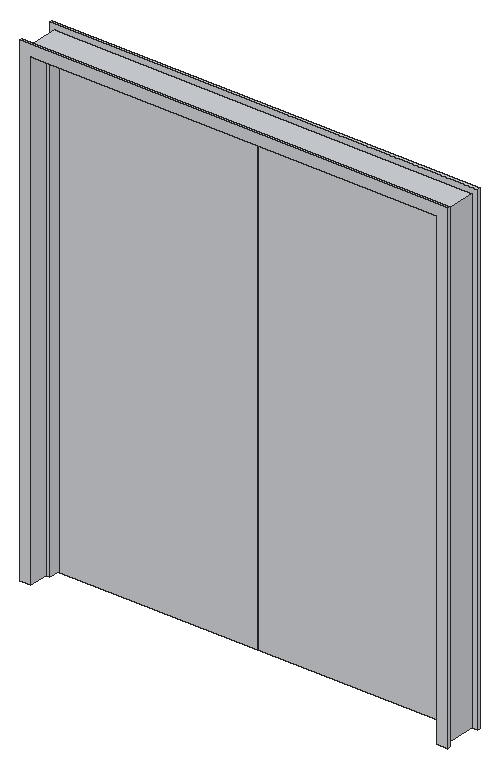
Revit family "DOOR_Double Flush", category Doors, host Wall, Revit 2024
Family settings
  Host = Wall
  Always vertical = Yes
  Cut with Voids When Loaded = No
  Shared = No
  Room Calculation Point = No
Parameters (values of type "1800mm x 2100mm")
  Width_Panel = Width / 2  # 900 mm
  Thickness = 45 mm
  Rough Width = Width + (2 * Rough In Gap)  # 1850 mm
  Rough In Gap = 25 mm
  Rough Height [instance] = Height + Rough In Gap  # 2125 mm
  Rabbit Width = 16 mm
  Rabbit Inset Distance from Front Trim = 45 mm
  Rabbit Depth = 50 mm
  Height = 2100 mm
  Wall Closure = By host
  Width = 1800 mm
  Function = Interior
  Frame Trim Width = 50 mm
  Frame Trim Thickness = 12.5 mm
  EA_Repath [instance] = 0 mm
  Double Swing - Right Door [instance] = no
  Double Swing - Left Door [instance] = no
  Double Swing ADA Clearance Lines [instance] = yes
  Door_$Panel_Material [instance] = none
  Door_$Leaf1_3DSwing_Angle [instance] = 0.00°
  Door_$Leaf1_2DSwing_Angle [instance] = 90.00°
  Door_$Frame_Material [instance] = none
  Define Thermal Properties by = Schematic Type
  Assembly Code = "C1020300"
  Analytic Construction = "<None>"
  Single Swing ADA Clearance Lines [instance] = yes
Types (3, lengths in mm): name | Rough Height | Height
  1800mm x 2100mm | 2125 | 2100
  1800mm x 2400mm | 2425 | 2400
  1800mm x 2700mm | 2725 | 2700
Reference planes
  plane 1 "Center (Front/Back)": y = 0
  plane 2 "Center (Left/Right)": x = 0
  plane 3 "Left": x = -900
  plane 4 "Right": x = 900
  plane 5 "Top": z = 2100
  plane 6: y = 76.2
  plane 7: y = -76.2
Forms (mm)
  Sweep 1, solid, material <- "Door_$Frame_Material"
    path origin (0, 0, 0) x (1, 0, 0) y (0, 0, 1)
      loop
        line (900, 0) -> (900, 2100) -> (-900, 2100) -> (-900, 0)
    profile origin (900, 0, 1050) x (-1, 0, 0) y (0, -1, 0)
      loop
        line (-25.4, 76.2) -> (-25.4, -76.2) -> (-50, -76.2) -> (-50, -88.7) -> (0, -88.7) -> (0, -43.7) -> (16, -43.7) -> (16, 6.3) -> (0, 6.3) -> (0, 88.7) -> (-50, 88.7) -> (-50, 76.2) -> (-25.4, 76.2)
Lines and regions (mm)
  Opening 1
    outline origin (-2286, -76.2, 0) x (1, 0, 0) y (0, 0, 1)
      loop
        line (1361, 0) -> (3211, 0) -> (3211, 2125) -> (1361, 2125) -> (1361, 0)
  symbolic lines, style "Elevation Swing"
    curve 1: line (0, 76.2, 0) -> (-900, 76.2, 1050)
    curve 2: line (-900, 76.2, 1050) -> (0, 76.2, 2100)
    curve 3: line (0, 76.2, 0) -> (900, 76.2, 1050)
    curve 4: line (900, 76.2, 1050) -> (0, 76.2, 2100)
  symbolic lines, style "ADA Clearance Lines", visible <- "Single Swing ADA Clearance Lines"
    curve 5: line (-855.55, 1600.2, 0) -> (855.55, 1600.2, 0)
    curve 6: line (-855.55, -1295.4, 0) -> (-855.55, 1600.2, 0)
    curve 7: line (855.55, -1295.4, 0) -> (-855.55, -1295.4, 0)
    curve 8: line (855.55, 1600.2, 0) -> (855.55, -1295.4, 0)
  symbolic lines, style "ADA Clearance Lines", visible <- "Double Swing ADA Clearance Lines"
    curve 9: line (-855.55, 1600.2, 0) -> (855.55, 1600.2, 0)
    curve 10: line (-855.55, -1600.2, 0) -> (-855.55, 1600.2, 0)
    curve 11: line (855.55, -1600.2, 0) -> (-855.55, -1600.2, 0)
    curve 12: line (855.55, 1600.2, 0) -> (855.55, -1600.2, 0)
  symbolic lines, style "Doors"
    curve 13: line (0, 88.7, 0) -> (0, -88.9, 0)
Text (mm)
  text "Exterior" at (-1904.17, 693.701, 0), in view "Ref. Level"
  text "Interior" at (-1904.17, -638.649, 0), in view "Ref. Level"
  text "Exterior" at (0, 1019.848, 3124.603), in view "Right"
  text "Interior" at (0, -1635.541, 3124.603), in view "Right"
  text "Interior" at (0, -787.806, 3124.376), in view "Left"
  text "Exterior" at (0, 1386.095, 3124.376), in view "Left"
Dimensions and locks
  equal spacing: plane 3 "Left", plane 2 "Center (Left/Right)", plane 4 "Right"
  "Height": level to plane 5 "Top"
  "Width": plane 3 "Left" to plane 4 "Right"
  equal spacing: host wall, curve 2, plane 5 "Top"
  "Rough In Gap": plane 4 "Right" to Opening 1 sketch curve
  "Rough In Gap": Opening 1 sketch curve to plane 3 "Left"
  "Rough In Gap": plane 5 "Top" to Opening 1 sketch curve
  "Frame Trim Thickness": Sweep 1 sketch curve to host wall
  "Rabbit Depth": Sweep 1 sketch curve to Sweep 1 sketch curve
  "Rabbit Inset Distance from Front Trim": Sweep 1 sketch curve to Sweep 1 sketch curve
  "Frame Trim Width": plane 4 "Right" to Sweep 1 sketch curve  (x2)
  "Rabbit Width": Sweep 1 sketch curve to plane 4 "Right"
  "Frame Trim Thickness": host wall to Sweep 1 sketch curve
  "Thickness": nested 1 to Sweep 1
  "Thickness": nested 2 to Sweep 1
  equal spacing: level, curve 4, plane 5 "Top"
  curve 7 to plane 7 = 1219.2 mm
  curve 5 to plane 6 = 1524 mm
  curve 9 to plane 6 = 1524 mm
  curve 11 to plane 7 = 1524 mm
  aligned and locked: Opening 1 sketch curve to level
  aligned and locked: plane 3 "Left" to curve 1
  aligned and locked: plane 5 "Top" to curve 2
  aligned and locked: plane 4 "Right" to Sweep 1 sketch curve
  aligned and locked: Sweep 1 sketch curve to plane 3 "Left"
  aligned and locked: plane 5 "Top" to Sweep 1 sketch curve
  aligned and locked: host wall to Sweep 1 sketch curve  (x2)
  aligned and locked: Sweep 1 sketch curve to plane 4 "Right"  (x2)
  aligned and locked: nested 1 to plane 3 "Left"
  aligned and locked: nested 2 to plane 4 "Right"
  aligned and locked: nested 1 to curve 1
  aligned and locked: level to nested 2
  aligned and locked: nested 1 to level
  aligned and locked: nested 1 to curve 13
  aligned and locked: nested 4 to curve 13
  aligned and locked: Sweep 1 to nested 4
  aligned and locked: Sweep 1 to nested 3
  aligned and locked: plane 7 to host wall
  aligned and locked: plane 6 to host wall
Automatic sketch dimensions
  curve 1 to level = 0 mm
  curve 2 to plane 2 "Center (Left/Right)" = 0 mm
  Sweep 1 sketch curve to level = 0 mm  (x2)
  profile plane to Sweep 1 sketch curve = 25.4 mm
  curve 3 to plane 4 "Right" = 0 mm
  curve 4 to plane 2 "Center (Left/Right)" = 0 mm
  curve 3 to level = 0 mm
  curve 3 to plane 2 "Center (Left/Right)" = 0 mm
  curve 4 to plane 5 "Top" = 0 mm
  curve 9 to plane 3 "Left" = 44.45 mm
  plane 4 "Right" to curve 9 = 44.45 mm
  curve 13 to plane 2 "Center (Left/Right)" = 0 mm
Nested families
  nested 1: "Door_Panel_Adjustable" at (-900, 88.7, 0), Panel Thickness <- "Thickness", Panel Width <- "Width_Panel", Panel Height <- "Height", Panel Material <- "Door_$Panel_Material", Plan Swing Angle <- "Door_$Leaf1_2DSwing_Angle", Opening Angle <- "Door_$Leaf1_3DSwing_Angle", type "Door_Panel_Adjustable"
    with Plan Swing Angle 90.00°, Panel Width 900 mm, Panel Thickness 45 mm, Panel Material none, Panel Height 2100 mm, Opening Angle 0.00°
  nested 2: "Door_Panel_Adjustable" at (900, 88.7, 0) x (-1, 0, 0) z (0, 0, 1), Panel Thickness <- "Thickness", Panel Width <- "Width_Panel", Panel Height <- "Height", Panel Material <- "Door_$Panel_Material", Plan Swing Angle <- "Door_$Leaf1_2DSwing_Angle", Opening Angle <- "Door_$Leaf1_3DSwing_Angle", type "Door_Panel_Adjustable"
    with Plan Swing Angle 90.00°, Panel Width 900 mm, Panel Thickness 45 mm, Panel Material none, Panel Height 2100 mm, Opening Angle 0.00°
  nested 3: "Door_Panel_Adjustable" at (-900, -88.9, 0), Panel Thickness <- "Thickness", Panel Width <- "Width_Panel", Panel Height <- "Height", Panel Material <- "Door_$Panel_Material", Plan Swing Angle <- "Door_$Leaf1_2DSwing_Angle", Opening Angle <- "Door_$Leaf1_3DSwing_Angle", visible <- "Double Swing - Left Door", type "Door_Panel_Adjustable"
    with Plan Swing Angle 90.00°, Panel Width 900 mm, Panel Thickness 45 mm, Panel Material none, Panel Height 2100 mm, Opening Angle 0.00°
  nested 4: "Door_Panel_Adjustable" at (900, -88.9, 0) x (-1, 0, 0) z (0, 0, 1), Panel Thickness <- "Thickness", Panel Width <- "Width_Panel", Panel Height <- "Height", Panel Material <- "Door_$Panel_Material", Plan Swing Angle <- "Door_$Leaf1_2DSwing_Angle", Opening Angle <- "Door_$Leaf1_3DSwing_Angle", visible <- "Double Swing - Right Door", type "Door_Panel_Adjustable"
    with Plan Swing Angle 90.00°, Panel Width 900 mm, Panel Thickness 45 mm, Panel Material none, Panel Height 2100 mm, Opening Angle 0.00°
Definition of nested family "Door_Panel_Adjustable"
  Parameters
    Plan Swing Angle [instance] = 120.00°
    Panel Width [instance] = 914.4 mm
    Panel Thickness [instance] = 50.8 mm
    Panel Material [instance] = none
    Panel Height [instance] = 2133.6 mm
    Opening Angle [instance] = 45.00°
    Default Elevation = 1219.2 mm
    Assembly Code = ""
  Reference planes
    plane 1 "Center (Front/Back)": y = 0
    plane 2: z = 0
    plane 3 "Center (Left/Right)": x = 0
  Forms (mm)
    Extrusion 1, solid, material <- "Panel Material"
      sketch origin (0, 0, 0) x (0.707107, 0.707107, 0) y (0, 0, 1)
        loop
          line (0, 0) -> (914.4, 0) -> (914.4, 2133.6) -> (0, 2133.6) -> (0, 0)
      from 0 to 50.8 <- "Panel Thickness"
  Lines and regions (mm)
    reference lines
      curve 1: line (0, 0, 0) -> (646.578, 646.578, 0)
  Dimensions and locks
    "Panel Width": curve 1 to curve 1
    "Panel Width": Extrusion 1 sketch curve to Extrusion 1 sketch curve
    "Panel Height": Extrusion 1 sketch curve to Extrusion 1 sketch curve
    "Opening Angle": angle plane 1 "Center (Front/Back)" to curve 1
    aligned and locked: plane 3 "Center (Left/Right)" to curve 1
    aligned and locked: plane 3 "Center (Left/Right)" to nested 1
    aligned and locked: plane 1 "Center (Front/Back)" to nested 1
  Automatic sketch dimensions
    curve 1 to plane 1 "Center (Front/Back)" = 0 mm
    Extrusion 1 sketch curve to curve 1 = 0 mm  (x2)
  Nested families
    nested 1: "Door_Panel_Linework" at (0, 0, 0), type "door panel swing"
      with Panel Thickness 50.8 mm
  Definition of nested family "Door_Panel_Linework"
    Parameters
      Panel Thickness = 44.45 mm
      Panel Swing = 120.00°
      Panel Length = 914.4 mm
      Default Elevation = 1219.2 mm
      Assembly Code = ""
    Reference planes
      plane 1 "Center (Front/Back)": y = 0
      plane 2: z = 0
      plane 3 "Center (Left/Right)": x = 0
    Lines and regions (mm)
      symbolic lines
        curve 1: line (0, 0, 0) -> (-457.2, 791.894, 0)
        curve 2: line (-457.2, 791.894, 0) -> (-418.705, 814.119, 0)
        curve 3: line (0, 0, 0) -> (38.495, 22.225, 0)
        curve 4: line (38.495, 22.225, 0) -> (-418.705, 814.119, 0)
        curve 5: arc (-457.2, 791.894, 0) -> (458.618, 791.073, 0) -> (914.394, -3.277, 0) r 914.4
    Dimensions and locks
      "Panel Thickness": curve 4 to curve 1
      "Panel Length": curve 3 to curve 2
      locked: curve 5 to plane 1 "Center (Front/Back)" at 3.277
      "Panel Swing": angle plane 1 "Center (Front/Back)" to curve 1
    Automatic sketch dimensions
      curve 5 to plane 1 "Center (Front/Back)" = 0 mm
      curve 5 to plane 3 "Center (Left/Right)" = 0 mm
      curve 3 to plane 1 "Center (Front/Back)" = 0 mm
      curve 3 to plane 3 "Center (Left/Right)" = 0 mm
